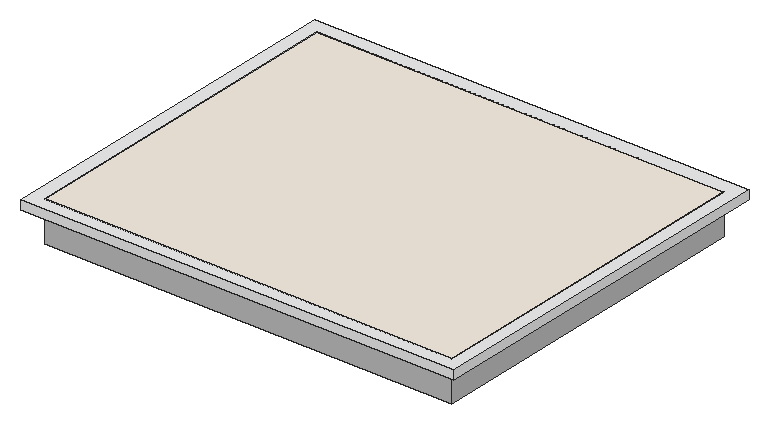
Revit family "Lighting-Industriale-GEWISS-ELIA-HL-LED_RIFLETTORE", category Apparecchi per illuminazione, host Superficie, Revit 2019 (continued)
Types (12, lengths in mm): name | Tensione | Scheda Tecnica | Potenza di sistema | Peso (kg): | Peso (kg) | Ottica | built-in parameter 1150142 | Lumen output (lm) | Modello | IDT | File diagramma fotometrico | Description
    66 8260.10 8264.93 8269.76 8272.98 8273.79 \r\n8273.79 8272.18 8268.15 8263.32 8256.08 8247.22 8236.76 \r\n8223.88 8209.39 8192.48 8173.97 8153.84 8130.50 8103.93 \r\n8076.56 8045.97 8013.77 7976.74 7938.91 7896.24 7850.36 \r\n7800.45 7745.71 7686.94 7622.54 7553.31 7478.45 7396.34 \r\n7308.59 7215.21 7115.39 7009.94 6898.85 6782.12 6658.15 \r\n6526.13 6379.62 6220.23 6046.35 5865.23 5686.52 5507.00 \r\n5329.10 5152.80 4978.92 4811.48 4649.68 4493.51 4342.17 \r\n4197.27 4062.03 3934.03 3810.87 3692.54 3576.62 3464.72 \r\n3349.61 3236.91 3126.62 3021.17 2921.35 2825.55 2729.76 \r\n2637.18 2547.83 2461.69 2378.78 2299.08 2219.39 2142.91 \r\n2068.05 1996.40 1926.37 1857.94 1790.32 1722.70 1655.08 \r\n1588.02 1522.01 1457.61 1395.63 1335.74 1277.86 1222.80 \r\n1170.95 1122.49 1077.90 1036.12 996.91 959.40 923.01 \r\n887.19 850.64 814.34 779.00 744.06 708.64 674.43 643.68 \r\n613.89 583.06 553.04 525.18 499.10 475.19 452.57 430.43 \r\n409.02 387.85 367.40 348.24 329.89 311.94 294.47 276.60 \r\n259.61 244.64 230.71 217.43 204.71 192.80 181.37 170.02 \r\n158.63 146.47 134.52 123.74 113.52 103.60 94.00 84.60 \r\n75.51 66.82 58.49 50.44 42.83 35.72 29.15 23.15 17.74 \r\n12.84 8.78 5.91 4.00 2.95 2.79 \r\n8062.88 8063.68 8065.29 8066.90 8069.32 8071.73 8075.76 \r\n8080.59 8085.42 8090.25 8096.69 8102.32 8109.57 8116.81 \r\n8125.67 8133.72 8140.96 8150.62 8159.48 8168.33 8177.99 \r\n8186.85 8196.51 8205.36 8214.22 8223.07 8231.93 8239.17 \r\n8246.42 8253.66 8260.10 8264.93 8269.76 8272.18 8274.59 \r\n8274.59 8272.98 8268.96 8264.13 8257.69 8249.64 8238.37 \r\n8227.10 8211.80 8195.70 8177.19 8157.06 8133.72 8108.76 \r\n8080.59 8050.00 8017.80 7982.38 7944.54 7902.68 7856.80 \r\n7807.69 7753.76 7695.80 7632.20 7563.78 7488.91 7408.41 \r\n7320.67 7228.90 7129.08 7023.62 6913.34 6797.42 6675.06 \r\n6541.43 6396.53 6237.94 6064.87 5884.55 5705.03 5524.71 \r\n5346.00 5168.90 4992.61 4820.34 4657.73 4501.56 4347.80 \r\n4202.10 4065.25 3935.64 3811.68 3694.14 3579.03 3466.33 \r\n3351.22 3237.71 3126.62 3019.56 2920.54 2824.74 2728.14 \r\n2633.96 2544.61 2458.47 2376.36 2296.67 2216.97 2140.49 \r\n2066.43 1993.99 1924.76 1857.13 1789.52 1721.90 1654.28 \r\n1587.22 1520.32 1455.04 1392.33 1332.11 1274.88 1220.62 \r\n1169.18 1120.80 1076.12 1034.34 994.90 957.23 920.60 \r\n884.53 848.07 811.84 776.42 741.40 706.23 672.34 641.99 \r\n612.61 581.69 551.67 523.81 497.81 473.98 451.61 429.63 \r\n408.14 386.96 366.52 347.60 329.41 311.62 294.07 276.03 \r\n258.97 244.08 230.39 217.19 204.47 192.56 181.04 169.53 \r\n157.99 145.85 134.01 123.37 113.28 103.37 93.75 84.36 \r\n75.29 66.65 58.37 50.37 42.78 35.69 29.12 23.14 17.73 \r\n12.87 8.82 5.95 4.04 2.97 2.80 \r\n8062.88 8063.68 8065.29 8066.90 8069.32 8071.73 8075.76 \r\n8080.59 8084.61 8090.25 8095.08 8102.32 8108.76 8116.81 \r\n8124.86 8132.91 8140.96 8149.82 8158.67 8168.33 8177.19 \r\n8186.85 8195.70 8205.36 8214.22 8222.27 8230.32 8238.37 \r\n8246.42 8252.86 8259.30 8264.93 8269.76 8272.98 8273.79 \r\n8274.59 8273.79 8269.76 8265.74 8259.30 8250.44 8240.78 \r\n8228.71 8214.22 8198.12 8180.41 8160.28 8137.74 8112.79 \r\n8085.42 8054.83 8022.63 7988.01 7950.18 7909.12 7864.85 \r\n7815.74 7761.81 7704.65 7642.67 7573.44 7500.18 7419.68 \r\n7333.55 7240.97 7141.96 7037.31 6927.83 6812.71 6689.55 \r\n6557.53 6412.63 6255.65 6083.38 5902.26 5721.94 5540.81 \r\n5362.10 5184.20 5004.68 4831.61 4665.78 4507.19 4353.44 \r\n4206.12 4068.47 3938.06 3813.29 3694.14 3579.84 3467.94 \r\n3352.83 3237.71 3125.82 3017.95 2918.93 2823.14 2726.54 \r\n2633.16 2542.99 2456.86 2373.95 2295.06 2215.36 2138.89 \r\n2064.83 1992.38 1923.95 1856.33 1789.52 1721.90 1654.28 \r\n1586.82 1519.12 1452.86 1389.51 1329.06 1272.38 1218.69 \r\n1167.65 1119.51 1074.76 1032.82 993.13 955.21 918.42 \r\n882.12 845.65 809.51 774.01 738.99 703.97 670.32 640.30 \r\n611.24 580.40 550.30 522.45 496.52 472.86 450.56 428.74 \r\n407.41 386.16 365.71 346.87 328.92 311.13 293.58 275.55 \r\n258.41 243.67 230.15 216.87 204.23 192.31 180.72 169.05 \r\n157.37 145.29 133.55 123.04 113.07 103.15 93.50 84.12 \r\n75.08 66.49 58.26 50.30 42.75 35.67 29.12 23.14 17.74 \r\n12.90 8.88 6.00 4.07 3.00 2.81 \r\n8062.88 8063.68 8065.29 8066.90 8069.32 8071.73 8075.76 \r\n8080.59 8084.61 8090.25 8095.08 8101.52 8108.76 8116.81 \r\n8124.06 8132.11 8140.96 8149.01 8157.87 8166.72 8176.38 \r\n8185.24 8195.70 8203.75 8212.61 8221.46 8230.32 8238.37 \r\n8244.81 8252.86 8258.49 8264.13 8268.96 8272.98 8273.79 \r\n8274.59 8273.79 8271.37 8265.74 8260.10 8252.05 8242.39 \r\n8230.32 8216.63 8200.53 8183.63 8164.31 8140.96 8116.01 \r\n8088.64 8058.85 8026.65 7992.84 7955.81 7914.76 7870.48 \r\n7822.18 7769.86 7712.70 7651.52 7583.90 7509.84 7430.15 \r\n7344.82 7253.05 7154.84 7050.99 6941.51 6826.40 6704.04 \r\n6572.82 6428.73 6273.36 6101.09 5920.77 5739.65 5557.72 \r\n5377.40 5198.69 5017.56 4840.46 4673.02 4513.63 4358.27 \r\n4210.15 4070.88 3939.67 3814.09 3694.14 3580.64 3468.75 \r\n3353.63 3237.71 3125.01 3017.14 2917.32 2822.33 2725.73 \r\n2631.55 2541.39 2455.25 2373.14 2293.45 2215.36 2138.89 \r\n2064.02 1992.38 1923.15 1856.33 1789.52 1721.90 1654.28 \r\n1586.82 1518.47 1451.42 1387.42 1326.72 1270.37 1217.32 \r\n1166.61 1118.63 1073.87 1031.69 991.68 953.52 916.33 \r\n879.95 843.48 807.33 771.67 736.58 701.80 668.47 638.69 \r\n609.79 579.12 549.09 521.40 495.40 471.89 449.59 427.86 \r\n406.69 385.35 364.91 346.23 328.36 310.65 293.10 275.07 \r\n257.84 243.19 229.83 216.63 204.07 192.07 180.40 168.65 \r\n156.81 144.80 133.20 122.79 112.89 102.97 93.28 83.91 \r\n74.90 66.35 58.16 50.24 42.72 35.68 29.13 23.14 17.75 \r\n12.94 8.94 6.05 4.11 3.02 2.82 \r\n8062.88 8063.68 8065.29 8066.90 8069.32 8071.73 8075.76 \r\n8080.59 8084.61 8090.25 8095.88 8101.52 8108.76 8116.81 \r\n8124.06 8132.11 8140.16 8149.01 8157.87 8166.72 8174.77 \r\n8185.24 8194.90 8203.75 8211.80 8221.46 8229.51 8237.56 \r\n8244.81 8252.05 8258.49 8263.32 8268.15 8272.18 8273.79 \r\n8274.59 8273.79 8271.37 8265.74 8260.91 8252.86 8242.39 \r\n8231.12 8218.24 8202.14 8186.04 8166.72 8143.38 8119.23 \r\n8091.86 8062.88 8032.29 7997.67 7960.64 7921.20 7876.92 \r\n7829.43 7777.10 7721.56 7659.57 7592.76 7519.50 7440.61 \r\n7355.28 7264.32 7166.91 7063.07 6954.39 6840.08 6718.53 \r\n6588.12 6445.63 6291.07 6120.41 5941.70 5757.36 5572.21 \r\n5390.28 5209.15 5027.22 4848.51 4681.07 4518.46 4362.29 \r\n4212.56 4072.49 3940.47 3814.09 3694.14 3577.42 3464.72 \r\n3348.80 3235.30 3124.21 3017.14 2918.13 2823.14 2727.34 \r\n2634.77 2545.41 2458.47 2375.56 2295.86 2216.97 2140.49 \r\n2066.43 1993.99 1925.56 1857.94 1791.13 1723.51 1655.08 \r\n1587.70 1518.87 1451.66 1388.14 1327.85 1271.10 1217.48 \r\n1166.85 1119.03 1074.11 1031.61 991.20 952.48 915.04 \r\n878.42 841.87 805.72 770.14 735.05 700.35 667.10 637.24 \r\n608.34 577.91 548.12 520.59 494.83 471.09 448.71 426.81 \r\n405.56 384.47 364.10 345.35 327.31 309.52 292.05 274.26 \r\n257.44 242.87 229.51 216.46 203.83 191.83 180.00 168.25 \r\n156.60 144.74 133.26 122.85 112.89 102.90 93.16 83.78 \r\n74.78 66.26 58.11 50.23 42.74 35.71 29.19 23.20 17.79 \r\n12.99 9.00 6.11 4.15 3.05 2.83 \r\n8062.88 8063.68 8065.29 8066.90 8069.32 8072.54 8074.95 \r\n8079.78 8084.61 8089.44 8095.08 8101.52 8107.96 8116.01 \r\n8123.25 8131.30 8140.16 8148.21 8157.06 8165.92 8174.77 \r\n8184.43 8194.09 8202.95 8211.00 8220.66 8228.71 8236.76 \r\n8244.00 8251.25 8257.69 8263.32 8267.35 8271.37 8272.98 \r\n8274.59 8273.79 8271.37 8266.54 8260.91 8253.66 8244.00 \r\n8232.73 8219.05 8203.75 8186.85 8168.33 8146.60 8121.64 \r\n8095.88 8066.90 8036.31 8002.50 7965.47 7926.03 7882.56 \r\n7835.06 7784.35 7728.00 7666.82 7600.81 7528.36 7450.27 \r\n7364.94 7273.98 7177.38 7075.14 6966.47 6851.35 6732.21 \r\n6601.80 6460.93 6307.98 6138.93 5961.02 5775.07 5585.89 \r\n5402.35 5219.62 5035.27 4856.56 4687.51 4524.10 4365.51 \r\n4214.98 4074.10 3941.28 3814.89 3693.34 3575.01 3459.09 \r\n3343.97 3230.47 3121.79 3016.34 2918.13 2823.14 2729.76 \r\n2637.99 2548.63 2462.49 2379.58 2299.89 2220.19 2143.72 \r\n2068.85 1997.21 1927.98 1861.16 1792.74 1725.12 1656.69 \r\n1588.75 1519.84 1452.54 1389.51 1329.62 1272.22 1217.97 \r\n1167.41 1119.84 1074.76 1031.93 990.96 951.75 914.00 \r\n877.21 840.58 804.44 768.78 733.76 699.14 665.98 635.87 \r\n606.73 576.70 547.40 520.11 494.43 470.44 447.66 425.76 \r\n404.59 383.58 363.30 344.38 326.27 308.40 290.85 273.54 \r\n257.04 242.63 229.18 216.22 203.67 191.59 179.68 168.00 \r\n156.46 144.77 133.43 122.99 112.94 102.88 93.09 83.69 \r\n74.69 66.20 58.07 50.22 42.75 35.76 29.25 23.25 17.84 \r\n13.05 9.07 6.17 4.19 3.08 2.85 \r\n8062.88 8063.68 8065.29 8066.90 8069.32 8072.54 8075.76 \r\n8079.78 8083.81 8089.44 8095.08 8100.71 8107.96 8115.20 \r\n8123.25 8131.30 8139.35 8147.40 8156.26 8165.11 8173.97 \r\n8183.63 8193.29 8201.34 8210.19 8219.85 8227.90 8235.95 \r\n8244.00 8250.44 8256.88 8262.52 8266.54 8270.57 8272.18 \r\n8273.79 8272.98 8270.57 8266.54 8260.91 8253.66 8244.00 \r\n8233.54 8220.66 8205.36 8188.46 8169.94 8149.01 8124.86 \r\n8098.30 8070.93 8040.34 8006.53 7971.11 7931.66 7888.19 \r\n7841.50 7790.79 7735.24 7674.87 7608.05 7536.41 7459.13 \r\n7375.41 7284.44 7188.65 7085.61 6977.74 6862.62 6743.48 \r\n6615.49 6475.42 6324.08 6156.64 5979.54 5791.17 5599.58 \r\n5412.82 5228.47 5044.13 4863.81 4693.15 4528.93 4368.73 \r\n4216.59 4075.71 3942.08 3814.89 3692.54 3571.79 3453.45 \r\n3338.34 3226.44 3119.38 3017.14 2918.13 2823.94 2732.17 \r\n2641.21 2552.66 2467.33 2384.41 2303.11 2223.41 2146.13 \r\n2072.07 2000.43 1931.20 1863.58 1795.15 1726.73 1658.30 \r\n1590.20 1520.97 1453.67 1391.28 1331.71 1273.75 1218.85 \r\n1168.30 1120.88 1075.64 1032.49 990.96 951.19 913.27 \r\n876.32 839.53 803.39 767.65 732.63 698.02 664.93 634.50 \r\n605.28 575.58 546.76 519.79 494.19 469.96 446.86 424.80 \r\n403.55 382.78 362.65 343.57 325.22 307.27 289.88 272.81 \r\n256.80 242.39 229.02 215.98 203.50 191.27 179.35 167.76 \r\n156.40 144.90 133.69 123.18 113.01 102.87 93.03 83.62 \r\n74.62 66.15 58.05 50.22 42.77 35.81 29.32 23.30 17.89 \r\n13.11 9.14 6.23 4.24 3.11 2.86 \r\n8062.88 8063.68 8065.29 8066.90 8069.32 8072.54 8075.76 \r\n8079.78 8083.81 8089.44 8095.08 8101.52 8107.15 8115.20 \r\n8122.45 8130.50 8138.55 8147.40 8155.45 8164.31 8173.16 \r\n8182.02 8192.48 8200.53 8210.19 8218.24 8227.10 8235.15 \r\n8243.20 8249.64 8256.08 8261.71 8266.54 8269.76 8272.18 \r\n8272.98 8272.18 8269.76 8266.54 8260.91 8254.47 8244.81 \r\n8234.34 8220.66 8206.17 8190.07 8171.55 8150.62 8127.28 \r\n8101.52 8073.34 8042.75 8010.55 7975.13 7936.49 7893.83 \r\n7847.14 7797.23 7741.68 7681.31 7614.49 7544.46 7467.98 \r\n7384.26 7293.30 7197.50 7095.27 6987.40 6873.09 6753.95 \r\n6627.56 6489.10 6338.57 6173.54 5997.25 5806.46 5610.85 \r\n5422.48 5236.52 5051.37 4870.25 4697.17 4532.15 4371.15 \r\n4218.20 4077.32 3943.69 3815.70 3691.73 3568.57 3448.62 \r\n3333.51 3223.22 3117.77 3017.14 2918.93 2824.74 2733.78 \r\n2645.23 2556.68 2471.35 2388.43 2307.13 2227.43 2149.35 \r\n2075.29 2003.65 1934.42 1866.80 1796.76 1728.34 1659.91 \r\n1591.57 1522.42 1455.20 1393.21 1333.97 1275.44 1219.74 \r\n1169.26 1121.93 1076.61 1033.14 991.20 950.95 912.63 \r\n875.60 838.73 802.50 766.76 731.75 697.13 663.88 633.21 \r\n603.83 574.53 546.11 519.47 494.11 469.56 446.13 423.91 \r\n402.74 382.13 362.09 342.93 324.33 306.30 288.91 272.33 \r\n256.71 242.39 228.86 215.90 203.42 191.11 179.11 167.68 \r\n156.41 145.10 134.01 123.41 113.11 102.89 92.99 83.56 \r\n74.58 66.11 58.02 50.22 42.79 35.85 29.37 23.35 17.92 \r\n13.16 9.21 6.29 4.28 3.13 2.88 \r\n8062.88 8063.68 8065.29 8066.90 8068.51 8071.73 8075.76 \r\n8078.98 8083.81 8088.64 8094.27 8100.71 8107.15 8114.40 \r\n8122.45 8129.69 8138.55 8146.60 8154.65 8163.50 8172.36 \r\n8181.21 8190.87 8200.53 8209.39 8217.44 8226.29 8234.34 \r\n8242.39 8248.83 8255.27 8261.71 8265.74 8268.96 8271.37 \r\n8272.18 8271.37 8269.76 8265.74 8260.91 8253.66 8244.81 \r\n8234.34 8222.27 8207.78 8191.68 8173.16 8153.04 8129.69 \r\n8103.93 8076.56 8046.78 8013.77 7979.16 7940.52 7897.85 \r\n7851.97 7802.06 7747.32 7686.94 7621.74 7550.90 7475.23 \r\n7391.51 7302.15 7205.55 7104.12 6996.25 6881.94 6764.41 \r\n6638.03 6501.18 6351.45 6188.84 6013.35 5820.95 5622.92 \r\n5431.33 5242.96 5056.20 4875.08 4702.00 4535.37 4373.56 \r\n4220.61 4078.13 3945.30 3815.70 3690.93 3565.35 3444.60 \r\n3329.48 3219.20 3116.16 3017.14 2918.93 2825.55 2735.39 \r\n2648.45 2560.71 2475.38 2392.46 2311.16 2230.66 2152.57 \r\n2078.51 2006.06 1936.83 1868.41 1799.98 1730.75 1661.52 \r\n1593.01 1523.87 1456.81 1395.15 1336.06 1276.97 1220.70 \r\n1170.31 1123.14 1077.65 1033.94 991.52 950.79 912.39 \r\n875.12 838.17 801.86 766.04 730.94 696.33 663.00 632.01 \r\n602.46 573.48 545.71 519.47 494.11 469.23 445.41 423.19 \r\n402.10 381.57 361.77 342.37 323.61 305.58 288.27 272.01 \r\n256.80 242.55 228.86 215.82 203.34 190.87 178.87 167.52 \r\n156.49 145.35 134.37 123.67 113.22 102.91 92.95 83.52 \r\n74.55 66.08 58.01 50.21 42.81 35.89 29.42 23.39 17.94 \r\n13.20 9.27 6.34 4.31 3.16 2.89 \r\n8062.88 8063.68 8065.29 8066.90 8068.51 8071.73 8075.76 \r\n8078.98 8083.81 8088.64 8095.08 8100.71 8107.15 8114.40 \r\n8121.64 8130.50 8138.55 8146.60 8154.65 8163.50 8171.55 \r\n8181.21 8190.07 8199.73 8207.78 8217.44 8226.29 8234.34 \r\n8241.59 8248.83 8254.47 8260.91 8264.93 8268.15 8270.57 \r\n8272.18 8271.37 8269.76 8265.74 8260.91 8253.66 8244.81 \r\n8234.34 8222.27 8208.58 8192.48 8173.97 8153.84 8132.11 \r\n8106.35 8078.98 8049.19 8016.99 7982.38 7943.74 7901.88 \r\n7855.99 7806.89 7752.15 7691.77 7627.37 7557.34 7482.47 \r\n7398.75 7308.59 7212.80 7111.37 7004.30 6889.99 6773.27 \r\n6647.69 6510.03 6362.72 6202.52 6027.84 5833.83 5632.58 \r\n5439.38 5248.60 5061.84 4879.91 4705.22 4537.78 4375.98 \r\n4222.22 4080.54 3946.91 3817.31 3690.93 3563.74 3440.57 \r\n3326.26 3216.78 3115.35 3017.14 2919.74 2825.55 2736.20 \r\n2650.87 2563.93 2478.60 2395.68 2314.38 2233.88 2154.99 \r\n2080.93 2009.28 1940.05 1870.82 1801.59 1732.36 1663.13 \r\n1594.46 1525.39 1458.34 1396.76 1337.75 1278.10 1221.51 \r\n1171.11 1124.18 1078.54 1034.67 991.92 950.87 912.23 \r\n874.87 837.92 801.46 765.56 730.38 695.60 662.19 630.88 \r\n601.09 572.60 545.39 519.39 494.11 469.07 444.84 422.63 \r\n401.53 381.17 361.53 342.04 323.13 305.01 287.79 271.93 \r\n257.12 242.71 228.94 215.90 203.18 190.70 178.71 167.52 \r\n156.63 145.65 134.75 123.95 113.32 102.94 92.94 83.50 \r\n74.54 66.07 57.98 50.19 42.79 35.90 29.45 23.41 17.94 \r\n13.22 9.32 6.38 4.34 3.17 2.90 \r\n8062.88 8063.68 8065.29 8066.90 8068.51 8071.73 8074.95 \r\n8079.78 8083.81 8088.64 8094.27 8099.91 8106.35 8113.59 \r\n8121.64 8129.69 8137.74 8145.79 8154.65 8162.70 8172.36 \r\n8180.41 8190.07 8198.92 8208.58 8216.63 8225.49 8233.54 \r\n8241.59 8248.03 8254.47 8260.10 8264.93 8268.15 8270.57 \r\n8271.37 8271.37 8268.96 8265.74 8260.91 8254.47 8245.61 \r\n8235.95 8223.07 8209.39 8194.09 8175.58 8155.45 8133.72 \r\n8108.76 8080.59 8051.61 8020.21 7984.79 7946.96 7904.29 \r\n7860.02 7810.11 7756.98 7697.41 7632.20 7563.78 7488.11 \r\n7405.19 7315.03 7220.04 7117.81 7009.94 6896.43 6778.10 \r\n6652.52 6517.28 6369.96 6210.57 6037.50 5843.49 5643.05 \r\n5447.43 5254.23 5065.06 4882.32 4706.83 4537.78 4376.78 \r\n4225.44 4084.57 3950.13 3819.73 3692.54 3566.15 3443.79 \r\n3328.68 3219.20 3116.16 3016.34 2918.93 2823.94 2734.59 \r\n2647.64 2561.51 2476.18 2394.07 2312.77 2233.07 2154.99 \r\n2080.93 2009.28 1939.25 1870.02 1801.59 1732.36 1663.93 \r\n1595.03 1526.04 1458.90 1395.95 1335.74 1276.65 1220.70 \r\n1170.71 1124.02 1078.54 1034.75 992.08 951.03 912.39 \r\n875.04 838.09 801.70 765.47 729.81 694.80 660.99 629.59 \r\n599.81 571.79 545.07 519.31 494.27 469.07 444.84 422.71 \r\n401.78 381.65 362.09 342.69 323.93 305.90 288.75 273.06 \r\n258.24 243.59 229.43 216.14 203.26 190.87 178.87 167.68 \r\n156.90 145.99 135.10 124.13 113.34 102.93 92.92 83.51 \r\n74.56 66.03 57.90 50.10 42.70 35.81 29.37 23.31 17.85 \r\n13.18 9.33 6.39 4.34 3.17 2.89 \r\n8062.88 8064.49 8065.29 8066.90 8069.32 8071.73 8075.76 \r\n8079.78 8083.81 8088.64 8094.27 8100.71 8106.35 8113.59 \r\n8120.84 8128.89 8137.74 8145.79 8153.84 8162.70 8171.55 \r\n8181.21 8189.26 8198.92 8207.78 8215.83 8224.68 8232.73 \r\n8240.78 8248.03 8253.66 8260.10 8264.13 8267.35 8270.57 \r\n8270.57 8271.37 8269.76 8265.74 8260.91 8254.47 8245.61 \r\n8235.95 8223.88 8209.39 8194.09 8177.19 8157.87 8134.52 \r\n8109.57 8083.00 8053.22 8021.82 7987.21 7948.57 7907.51 \r\n7862.43 7813.33 7760.20 7700.63 7637.03 7567.80 7492.13 \r\n7410.02 7320.67 7224.87 7123.44 7014.77 6900.46 6782.12 \r\n6656.54 6521.30 6375.60 6217.01 6044.74 5852.35 5651.10 \r\n5453.87 5
